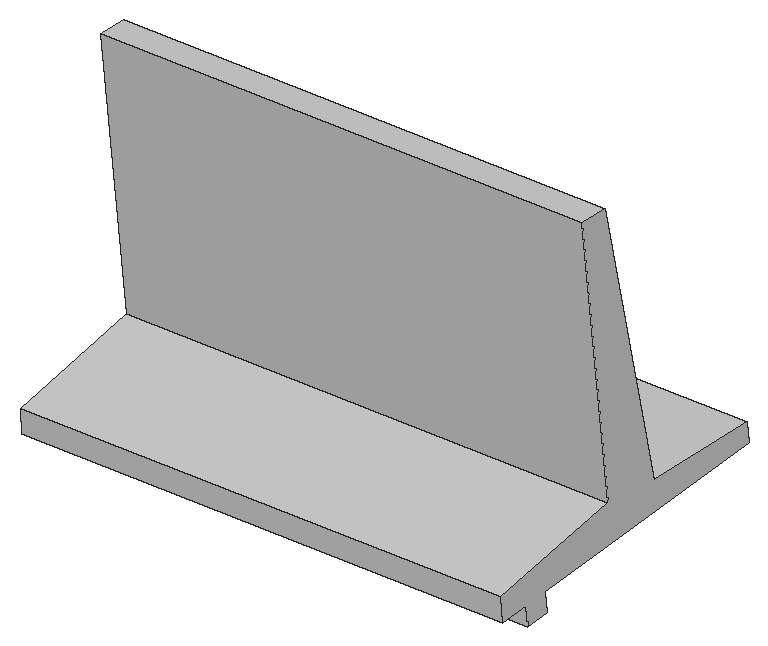
Revit family "M_ParedesdeRetenção_Par_Família_Chave", category Fundações estruturais, Revit 2019
Family settings
  Material para o comportamento do modelo = Outros
  Cap = Não
  Número OmniClass = 23.10.20.14
  Título OmniClass = Retaining Walls
  ID de item do Seek = RetainingWall_Par_Family_Key-0000-CAN-ENU
  Com base no plano de trabalho = Não
  Sempre na vertical = Sim
  Corte com vazios quando carregada = Não
  Compartilhado = Não
Parameters (values of type "Padrão")
  hdiff = h3 - h4  # 52.686 mm
  h7 = h4 - h6  # 2837.275 mm
  h6 = Gw1 * tan(Alfa - Beta)  # -10.476 mm
  h4 = (H - Gf3 * cos(Alfa) + Bw * sin(Alfa)) / cos(Beta)  # 2826.799 mm
  h3 = (H - Gf3 * cos(Alfa) + (Bw + Gw2) * sin(Alfa)) / cos(Beta)  # 2879.485 mm
  h2 = (Bw + Gw2) * sin(Alfa)  # 156.88 mm
  h1 = Gf4 * cos(Alfa)  # 398.478 mm
  Tmp2 = (Bw + Gf3 * tan(Alfa - Gama)) * cos(Alfa - Gama)  # 1146.31 mm
  Tmp1 = (Bw + Gw2 + Gf4 * tan(Alfa - Beta)) * cos(Alfa - Beta)  # 1784.944 mm
  Structural Material [instance] = Concreto - Moldado in loco
  Length [instance] = 5000 mm
  Hk = 200 mm
  H = 3000 mm
  Gw2 = 600 mm
  Gw1 = 300 mm
  Gk = 250 mm
  Gf4 = 400 mm
  Gf3 = 300 mm
  Gf2 = 250 mm
  Gf1 = 200 mm
  Gama2 = atan((Gw2 * cos(Alfa - Beta) - Gw1 * cos(Alfa - Beta)) / h7)  # 6.03211°
  Gama = Gama2 + Beta  # 13.0321°
  Bw = 1200 mm
  Bs1 = 300 mm
  Bk = 300 mm
  Beta = 7.00°
  B = 3200 mm
  Assembly Code = ""
  Alfa = 5.00°
Reference planes
  plane 1 "Centro (Frente/Trás)": y = 0
  plane 2: z = 0
  plane 3 "Centro (Esquerda/Direita)": x = 0
  plane 4: z = 3000
  plane 5: x = 5000
  plane 6: z = 2640
  plane 7: z = 2440
  plane 8: y = -2395.931
Forms (mm)
  Sweep 1, solid, material "Concreto - Moldado in loco" <- "Structural Material"
    path origin (0, 0, 0) x (1, 0, 0) y (0, 1, 0)
      loop
        line (0, 0) -> (5000, 0)
    profile "M_Perfil-chave : M_Perfil-chave" origin (2500, 0, 0) x (0, 1, 0) y (0, 0, 1)
      loop
        line (-1870.99, 3000) -> (-2166.702, 3000) -> (-1828.013, 241.598) -> (-3209.612, -29.85) -> (-3187.823, -278.898) -> (-2888.965, -252.752) -> (-2871.533, -451.991) -> (-2622.485, -430.202) -> (-2639.916, -230.963) -> (0, 0) -> (-17.431, 199.239) -> (-1221.58, 194.272) -> (-1870.99, 3000)
Dimensions and locks
  "H": plane 4 to plane 2
  "Length": plane 3 "Centro (Esquerda/Direita)" to plane 5
  locked: plane 4 to plane 6 at 360
  locked: plane 6 to plane 7 at 200
  locked: plane 8 to plane 1 "Centro (Frente/Trás)" at 2395.931
  aligned and locked: plane 3 "Centro (Esquerda/Direita)" to Sweep 1 sketch curve
  aligned and locked: plane 1 "Centro (Frente/Trás)" to Sweep 1 sketch curve
  aligned and locked: plane 5 to Sweep 1 sketch curve
